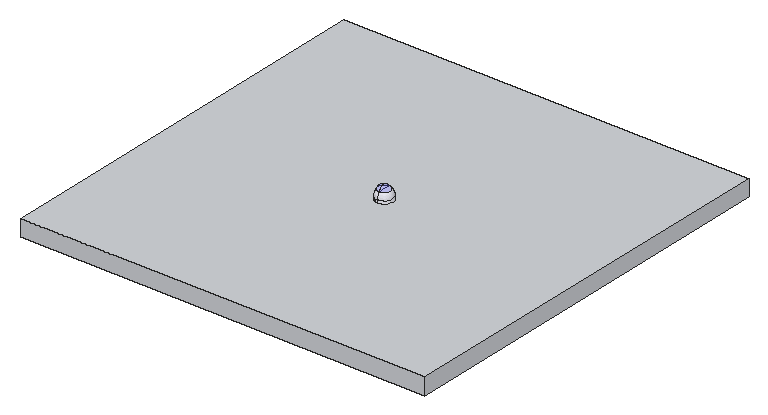
Revit family "BEG-92886", category Dispositifs d'éclairage, Revit 2015
Parameters
  Detection zone [instance] = yes
  URL = "http://www.luxomat.com/en-92886"
  Type of output = "KNX"
  Ambiant temperature = "-25°C to +50°C"
  Ref = "92886"
  Relay = "0"
  Height position [instance] = 250 cm
  Modèle = "PD4-KNX-C-SM"
  Installation type = "Ceiling"
  Brand = "LUXOMAT"
  Image du type = 92580.jpg
  IP = "20"
  Mounting height max = Installation height max  # 270 cm
  Installation height max = 270 cm
  Fabricant = "B.E.G"
  Label [instance] = yes
  Default Elevation = 0 cm
  Consumption = "7mA"
  Commentaires du type = "Occupancy detector PD4-KNX-C-SM"
  Code d'assemblage = "D5010200"
  Class = "2"
  Switching power LED = "0"
  Switching power Cos ɸ =1 = "0"
  Switching power Cos ɸ =0.5 = "0"
  Power voltage = "24 V DC BUS"
Reference planes (cm)
  plane 1 "Centre (avant/arrière)": y = 0
  plane 2: z = 0
  plane 3 "Centre (gauche/droite)": x = 0
Forms (cm)
  Extrusion 1, solid
    sketch origin (0, 0, 0) x (1, 0, 0) y (0, 1, 0)
      loop
        line (-121.92, 121.92) -> (-121.92, -121.92) -> (121.92, -121.92) -> (121.92, 121.92) -> (-121.92, 121.92)
    from 0 to -10
Dimensions and locks (cm)
  aligned and locked: plane 2 to Extrusion 1
  aligned and locked: level to Extrusion 1
  aligned and locked: nested 2 to plane 2
Nested families (cm)
  nested 1: "Famille1" at (0, -72.6659, 0) x (-1, 0, 0) z (0, 0, 1), reference <- "Ref", modele <- "Modèle", visible <- "Label", type "Famille1"
    with reference "92886", modele "PD4-KNX-C-SM"
  nested 2: "M14" at (0, 0, 0), type "Standard"
  nested 3: "Symbole plafond 2D couloir" at (0, 0.102, 0), type "Symbole plafond 2D couloir"
  nested 4: "zone I" at (0, 0, 0), visible <- "Detection zone", type "zone I"
    with position 2 320 cm, position 1 960 cm, frontal 800 cm, biais 2400 cm, activité assise 640 cm
Connectors (cm)
  electrical at (0.5717, -0.15, -5.1)
    settings: on nested 2, index 1, voltage 24 V, apparent load 0 VA, apparent load phase1 0 VA, apparent load phase2 0 VA, apparent load phase3 0 VA, power factor 1, load classification "Eclairage", number of poles 1, system type 31, power factor state 1, is connector primary yes, connector utility no, sub classification motor no, connector description ""
Definition of nested family "M14"
  Reference planes (cm)
    plane 1 "Centre (avant/arrière)": y = 0
    plane 2: z = 0
    plane 3 "Centre (gauche/droite)": x = 0
    plane 4: x = 0
  Forms (cm)
    Revolve 1, solid
      sketch origin (0, 0, 0) x (0, -1, 0) y (0, 0, 1)
        loop
          line (0, 0) -> (0, 5) -> (-3.8, 5)
          arc (-3.8, 5) -> (-4.577, 3.2225) -> (-4.8363, 1.3) r 7
          line (-4.8363, 1.3) -> (-4.9363, 1.3) -> (-5.05, 0) -> (0, 0)
        axis (0, 0) -> (0, 5)
      angle from 0 to 360
    Revolve 2, solid
      sketch origin (0, 0, 0) x (0, -1, 0) y (0, 0, 1)
        loop
          arc (0, 7.6) -> (-2.2816, 6.8864) -> (-3.75, 5) r 4.0043
          line (-3.75, 5) -> (0, 5) -> (0, 7.6)
        axis (0, 5) -> (0, 7.6)
      angle from 0 to 360
  Lines and regions (cm)
    reference lines
      curve 1: line (0, 0, 0) -> (0, 0, 7.6)
      curve 2: line (0, 0, 5) -> (0, 3.8, 5)
      curve 3: arc (0, 3.8, 5) -> (0, 4.577, 3.2225) -> (0, 4.8363, 1.3) r 7
      curve 4: line (0, 4.9363, 1.3) -> (0, 4.8363, 1.3)
      curve 5: line (0, 5.05, 0) -> (0, 4.9363, 1.3)
      curve 6: line (0, 0, 0) -> (0, 5.05, 0)
      curve 7: arc (0, 0, 7.6) -> (0, 2.2816, 6.8864) -> (0, 3.75, 5) r 4.0043
      curve 8: line (0, 3.75, 5) -> (0, 0, 5)
      curve 9: line (0, 0, 7.6) -> (0, 0, 5)
      curve 10: line (0, 0, 0) -> (0, 0, 7.6)
  Dimensions and locks (cm)
    aligned and locked: level to plane 2
    aligned and locked: Revolve 1 sketch curve to curve 1  (x2)
    aligned and locked: Revolve 1 sketch curve to curve 2
    aligned and locked: Revolve 1 sketch curve to curve 3
    aligned and locked: Revolve 1 sketch curve to curve 4
    aligned and locked: Revolve 1 sketch curve to curve 5
    aligned and locked: Revolve 1 sketch curve to curve 6
    aligned and locked: Revolve 2 sketch curve to curve 7
    aligned and locked: Revolve 2 sketch curve to curve 8
    aligned and locked: Revolve 2 sketch curve to curve 9
    aligned and locked: Revolve 2 sketch curve to curve 10
Definition of nested family "Famille1"
  Parameters (values of type "Famille1")
    reference [instance] = ""
    modele [instance] = ""
  Reference planes (cm)
    plane 1: y = 0
    plane 2: x = 0
  Text (cm)
    label "reference\n\nmodele" at (0.0074, 0.0451, 0), shows "reference", "modele"
Definition of nested family "Symbole plafond 2D couloir"
  Reference planes (cm)
    plane 1: y = 0
    plane 2: x = 0
  Lines and regions (cm)
    Filled region 1, type "rouge"
      outline origin (0, 0, 0) x (1, 0, 0) y (0, 1, 0)
        loop
          circle (0, 0) r 0.0294
    detail lines
      curve 1: arc (-0.0294, 0, 0) -> (0, -0.0294, 0) -> (0.0294, 0, 0) r 0.0294
      curve 2: arc (0.0294, 0, 0) -> (0, 0.0294, 0) -> (-0.0294, 0, 0) r 0.0294
      curve 3: arc (-0.1768, 0.102, 0) -> (-0.2041, 0, 0) -> (-0.1768, -0.102, 0) r 0.204
      curve 4: arc (0.1766, -0.102, 0) -> (0.2039, 0, 0) -> (0.1766, 0.102, 0) r 0.204
      curve 5: arc (-0.1404, 0.081, 0) -> (-0.1621, 0, 0) -> (-0.1404, -0.081, 0) r 0.162
      curve 6: arc (0.1402, -0.081, 0) -> (0.1619, 0, 0) -> (0.1402, 0.081, 0) r 0.162
      curve 7: arc (-0.104, 0.06, 0) -> (-0.1201, 0, 0) -> (-0.104, -0.06, 0) r 0.12
      curve 8: arc (0.1038, -0.06, 0) -> (0.1199, 0, 0) -> (0.1038, 0.06, 0) r 0.12
Definition of nested family "zone I"
  Parameters (values of type "zone I")
    position 2 [instance] = (frontal / 2) * 0.8  # 320 cm
    position 1 [instance] = (biais / 2) * 0.8  # 960 cm
    frontal [instance] = 800 cm
    biais [instance] = 2400 cm
    activité assise [instance] = 640 cm
  Reference planes (cm)
    plane 1 "Centre (avant/arrière)": y = 0
    plane 2: z = 0
    plane 3 "Centre (gauche/droite)": x = 0
    plane 4: x = 1000
    plane 5: x = -1000
    plane 6: x = -2000
    plane 7: x = 2000
    plane 8: y = 150
    plane 9: y = -150
    plane 10: y = 250
    plane 11: y = -250
  Lines and regions (cm)
    detail lines, in view "Niveau de réf."
      curve 1: spline (2.3068, -307.7265, 0) -> (4.0856, -307.3949, 0) -> (5.7432, -306.4226, 0) -> (7.1667, -304.876, 0) -> (8.2589, -302.8603, 0) -> (8.9455, -300.5131, 0) -> (9.1797, -297.9942, 0) -> (8.9455, -295.4753, 0) -> (8.2589, -293.1281, 0) -> (7.1667, -291.1125, 0) -> (5.7432, -289.5658, 0) -> (4.0856, -288.5936, 0) -> (2.3068, -288.262, 0) -> (0.5279, -288.5936, 0) -> (-1.1297, -289.5658, 0) -> (-2.5531, -291.1125, 0) -> (-3.6453, -293.1281, 0) -> (-4.3319, -295.4753, 0) -> (-4.5661, -297.9942, 0) -> (-4.3319, -300.5131, 0) -> (-3.6453, -302.8603, 0) -> (-2.5531, -304.876, 0) -> (-1.1297, -306.4226, 0) -> (0.5279, -307.3949, 0) -> (2.3068, -307.7265, 0)
      curve 2: line (-4.7649, -295.0929, 0) -> (0.5136, -307.9212, 0)
      curve 3: line (3.5648, -308.0775, 0) -> (9.2455, -294.5266, 0)
      curve 4: line (-0.3759, -288.4588, 0) -> (-3.0011, -290.8806, 0)
      curve 5: line (3.5053, -308.5045, 0) -> (6.62, -308.3756, 0)
      curve 6: line (1.7304, -308.3525, 0) -> (3.5053, -308.5045, 0)
      curve 7: line (-4.7649, -295.0929, 0) -> (0.5136, -307.9212, 0)
      curve 8: line (-21.1936, -295.3894, 0) -> (-24.4202, -297.3623, 0)
      curve 9: line (-21.1936, -295.3894, 0) -> (-24.4202, -297.3623, 0)
      curve 10: line (-0.3759, -288.4588, 0) -> (-3.0011, -290.8806, 0)
      curve 11: line (1.7304, -308.3525, 0) -> (6.62, -308.3756, 0)
      curve 12: line (3.5648, -308.0775, 0) -> (9.2455, -294.5266, 0)
      curve 13: line (0, -280, 0) -> (0, -249.0788, 0)
      curve 14: line (0, -249.0788, 0) -> (0, -240.7814, 0)
      curve 15: spline (-1521.106, -27.7265, 0) -> (-1519.3271, -27.3949, 0) -> (-1517.6695, -26.4226, 0) -> (-1516.2461, -24.876, 0) -> (-1515.1539, -22.8603, 0) -> (-1514.4673, -20.5131, 0) -> (-1514.2331, -17.9942, 0) -> (-1514.4673, -15.4753, 0) -> (-1515.1539, -13.1281, 0) -> (-1516.2461, -11.1125, 0) -> (-1517.6695, -9.5658, 0) -> (-1519.3271, -8.5936, 0) -> (-1521.106, -8.262, 0) -> (-1522.8848, -8.5936, 0) -> (-1524.5424, -9.5658, 0) -> (-1525.9659, -11.1125, 0) -> (-1527.0581, -13.1281, 0) -> (-1527.7447, -15.4753, 0) -> (-1527.9789, -17.9942, 0) -> (-1527.7447, -20.5131, 0) -> (-1527.0581, -22.8603, 0) -> (-1525.9659, -24.876, 0) -> (-1524.5424, -26.4226, 0) -> (-1522.8848, -27.3949, 0) -> (-1521.106, -27.7265, 0)
      curve 16: line (-1528.1777, -15.0929, 0) -> (-1522.8992, -27.9212, 0)
      curve 17: line (-1519.848, -28.0775, 0) -> (-1514.1673, -14.5266, 0)
      curve 18: line (-1523.7887, -8.4588, 0) -> (-1526.4139, -10.8806, 0)
      curve 19: line (-1519.9075, -28.5045, 0) -> (-1516.7928, -28.3756, 0)
      curve 20: line (-1521.6824, -28.3525, 0) -> (-1519.9075, -28.5045, 0)
      curve 21: line (-1528.1777, -15.0929, 0) -> (-1522.8992, -27.9212, 0)
      curve 22: line (-1544.6063, -15.3894, 0) -> (-1547.833, -17.3623, 0)
      curve 23: line (-1544.6063, -15.3894, 0) -> (-1547.833, -17.3623, 0)
      curve 24: line (-1523.7887, -8.4588, 0) -> (-1526.4139, -10.8806, 0)
      curve 25: line (-1521.6824, -28.3525, 0) -> (-1516.7928, -28.3756, 0)
      curve 26: line (-1519.848, -28.0775, 0) -> (-1514.1673, -14.5266, 0)
      curve 27: line (-1523.4128, 0, 0) -> (-1523.4128, 30.9212, 0)
      curve 28: line (-1523.4128, 30.9212, 0) -> (-1523.4128, 39.2186, 0)
      curve 169: spline (-372.7692, 145.0624, 0) -> (-523.6863, 149.8316, 0) -> (-672.4215, 140.7991, 0) -> (-805.2741, 118.7969, 0) -> (-910.0066, 85.8517, 0) -> (-976.9713, 44.9984, 0) -> (-1000, 0, 0) -> (-976.9713, -44.9984, 0) -> (-910.0066, -85.8517, 0) -> (-805.2741, -118.7969, 0) -> (-672.4215, -140.7991, 0) -> (-523.6863, -149.8316, 0) -> (-372.7692, -145.0624, 0)
      curve 170: arc (-1930.5405, 241.3176, 0) -> (-2000, 0, 0) -> (-1930.5405, -241.3176, 0) r 453.9252
      curve 171: line (-852.071, 106.5089, 0) -> (-1930.5405, 241.3176, 0)
      curve 172: line (-852.071, -106.5089, 0) -> (-1930.5405, -241.3176, 0)
      curve 173: arc (-372.7692, -145.0624, 0) -> (0, -400, 0) -> (372.7692, -145.0624, 0) r 400
      curve 174: spline (372.7692, 145.0624, 0) -> (523.6863, 149.8316, 0) -> (672.4215, 140.7991, 0) -> (805.2741, 118.7969, 0) -> (910.0066, 85.8517, 0) -> (976.9713, 44.9984, 0) -> (1000, 0, 0) -> (976.9713, -44.9984, 0) -> (910.0066, -85.8517, 0) -> (805.2741, -118.7969, 0) -> (672.4215, -140.7991, 0) -> (523.6863, -149.8316, 0) -> (372.7692, -145.0624, 0)
      curve 175: arc (1930.5405, 241.3176, 0) -> (2000, 0, 0) -> (1930.5405, -241.3176, 0) r 453.9252
      curve 176: line (852.071, 106.5089, 0) -> (1930.5405, 241.3176, 0)
      curve 177: line (852.071, -106.5089, 0) -> (1930.5405, -241.3176, 0)
      curve 178: arc (372.7692, 145.0624, 0) -> (0, 400, 0) -> (-372.7692, 145.0624, 0) r 400
    detail lines, in view "Niveau de réf.", not visible
      curve 29: spline (925.976, -22.5654, 0) -> (926.342, -22.7186, 0) -> (927.4152, -22.8614, 0) -> (929.1224, -22.984, 0) -> (931.3472, -23.0781, 0) -> (933.938, -23.1373, 0) -> (936.7184, -23.1574, 0) -> (939.4987, -23.1373, 0) -> (942.0896, -23.0781, 0) -> (944.3144, -22.984, 0) -> (946.0216, -22.8614, 0) -> (947.0948, -22.7186, 0) -> (947.4608, -22.5654, 0) -> (947.0948, -22.4122, 0) -> (946.0216, -22.2694, 0) -> (944.3144, -22.1467, 0) -> (942.0896, -22.0527, 0) -> (939.4987, -21.9935, 0) -> (936.7184, -21.9733, 0) -> (933.938, -21.9935, 0) -> (931.3472, -22.0527, 0) -> (929.1224, -22.1467, 0) -> (927.4152, -22.2694, 0) -> (926.342, -22.4122, 0) -> (925.976, -22.5654, 0)
      curve 30: line (925.976, -22.5654, 0) -> (927.5256, -22.2591, 0)
      curve 31: arc (928.6032, -42.366, 0) -> (923.9612, -42.9632, 0) -> (919.6215, -44.716, 0) r 18.3388
      curve 32: arc (919.6215, -44.716, 0) -> (919.5545, -44.7818, 0) -> (919.5297, -44.8725, 0) r 0.1799
      curve 33: arc (928.7956, -42.9577, 0) -> (924.5053, -43.3576, 0) -> (920.3988, -44.6624, 0) r 20.1051
      curve 34: arc (920.3988, -44.6624, 0) -> (920.213, -44.7562, 0) -> (920.0404, -44.8725, 0) r 1.6679
      curve 35: circle (919.7851, -45.6065, 0) r 0.5096 normal (0, 0, 1)
      curve 36: arc (920.3547, -45.6065, 0) -> (919.7851, -45.0369, 0) -> (919.2155, -45.6065, 0) r 0.5696
      curve 37: arc (920.4147, -45.6065, 0) -> (919.7851, -44.9769, 0) -> (919.1555, -45.6065, 0) r 0.6296
      curve 38: arc (944.8336, -42.366, 0) -> (949.4756, -42.9632, 0) -> (953.8152, -44.716, 0) r 18.3388
      curve 39: arc (953.8152, -44.716, 0) -> (953.8823, -44.7818, 0) -> (953.907, -44.8725, 0) r 0.1799
      curve 40: arc (944.6412, -42.9577, 0) -> (948.9315, -43.3576, 0) -> (953.038, -44.6624, 0) r 20.1051
      curve 41: arc (953.038, -44.6624, 0) -> (953.2237, -44.7562, 0) -> (953.3964, -44.8725, 0) r 1.6679
      curve 42: circle (953.6517, -45.6065, 0) r 0.5096 normal (0, 0, 1)
      curve 43: arc (954.2213, -45.6065, 0) -> (953.6517, -45.0369, 0) -> (953.0821, -45.6065, 0) r 0.5696
      curve 44: arc (954.2813, -45.6065, 0) -> (953.6517, -44.9769, 0) -> (953.0221, -45.6065, 0) r 0.6296
      curve 45: arc (935.9933, -42.366, 0) -> (932.2655, -43.2182, 0) -> (928.7471, -44.716, 0) r 21.5424
      curve 46: arc (928.7471, -44.716, 0) -> (928.68, -44.7818, 0) -> (928.6553, -44.8725, 0) r 0.1799
      curve 47: arc (935.9933, -42.9577, 0) -> (932.6991, -43.5833, 0) -> (929.5243, -44.6624, 0) r 23.9713
      curve 48: arc (929.5243, -44.6624, 0) -> (929.3417, -44.7544, 0) -> (929.1716, -44.8681, 0) r 1.6679
      curve 49: arc (936.2298, -42.9577, 0) -> (932.9838, -43.6066, 0) -> (929.8464, -44.6624, 0) r 26.0219
      curve 50: arc (929.8464, -44.6624, 0) -> (929.6606, -44.7562, 0) -> (929.488, -44.8725, 0) r 1.6679
      curve 51: circle (929.0716, -45.6065, 0) r 0.5096 normal (0, 0, 1)
      curve 52: arc (929.6412, -45.6065, 0) -> (929.0716, -45.0369, 0) -> (928.502, -45.6065, 0) r 0.5696
      curve 53: arc (929.7012, -45.6065, 0) -> (929.0716, -44.9769, 0) -> (928.442, -45.6065, 0) r 0.6296
      curve 54: arc (937.4435, -42.366, 0) -> (941.1713, -43.2182, 0) -> (944.6897, -44.716, 0) r 21.5424
      curve 55: arc (944.6897, -44.716, 0) -> (944.7568, -44.7818, 0) -> (944.7815, -44.8725, 0) r 0.1799
      curve 56: arc (937.4435, -42.9577, 0) -> (940.7377, -43.5833, 0) -> (943.9124, -44.6624, 0) r 23.9713
      curve 57: arc (943.9124, -44.6624, 0) -> (944.0982, -44.7562, 0) -> (944.2708, -44.8725, 0) r 1.6679
      curve 58: arc (937.207, -42.9577, 0) -> (940.453, -43.6066, 0) -> (943.5904, -44.6624, 0) r 26.0219
      curve 59: arc (943.5904, -44.6624, 0) -> (943.7762, -44.7562, 0) -> (943.9488, -44.8725, 0) r 1.6679
      curve 60: circle (944.3651, -45.6065, 0) r 0.5096 normal (0, 0, 1)
      curve 61: arc (944.9347, -45.6065, 0) -> (944.3651, -45.0369, 0) -> (943.7956, -45.6065, 0) r 0.5696
      curve 62: arc (944.9947, -45.6065, 0) -> (944.3651, -44.9769, 0) -> (943.7356, -45.6065, 0) r 0.6296
      curve 63: arc (928.2447, -16.9067, 0) -> (929.3751, -19.9599, 0) -> (932.3873, -21.1953, 0) r 4.0512
      curve 64: arc (947.5341, -21.5503, 0) -> (948.2989, -21.9955, 0) -> (948.4581, -22.866, 0) r 1.0582
      curve 65: arc (948.4581, -22.866, 0) -> (947.1637, -32.0042, 0) -> (947.1824, -41.2336, 0) r 64.7189
      curve 66: arc (947.1824, -41.2336, 0) -> (947.3196, -41.7803, 0) -> (947.8, -42.0753, 0) r 0.7467
      curve 67: arc (947.8, -42.0753, 0) -> (950.8812, -42.6489, 0) -> (954.0146, -42.7177, 0) r 19.3577
      curve 68: arc (954.0146, -42.7177, 0) -> (953.6164, -42.2163, 0) -> (953.0065, -42.0212, 0) r 1.1013
      curve 69: arc (953.0065, -42.0212, 0) -> (950.8253, -41.5868, 0) -> (948.6939, -40.9514, 0) r 23.8747
      curve 70: arc (948.6939, -40.9514, 0) -> (949.6481, -32.326, 0) -> (950.4047, -23.6811, 0) r 379.1961
      curve 71: arc (950.4047, -23.6811, 0) -> (950.1819, -20.9354, 0) -> (948.1945, -19.0278, 0) r 3.8846
      curve 72: arc (948.1945, -19.0278, 0) -> (942.0386, -16.9625, 0) -> (935.5985, -16.1341, 0) r 33.2193
      curve 73: arc (935.5985, -16.1341, 0) -> (936.4011, -8.4722, 0) -> (936.3918, -0.7683, 0) r 72.9952
      curve 74: arc (936.1411, 2.5028, 0) -> (936.0331, 3.5186, 0) -> (935.9108, 4.5328, 0) r 72.9952
      curve 75: arc (933.0779, 4.298, 0) -> (930.9101, 3.5141, 0) -> (931.7641, 1.3729, 0) r 1.6042
      curve 76: arc (935.9108, 4.5328, 0) -> (932.5228, 6.4802, 0) -> (929.1348, 4.5328, 0) r 3.9209
      curve 77: arc (962.4108, -5.4595, 0) -> (962.3989, -5.5507, 0) -> (962.3115, -5.5223, 0) r 0.0597
      curve 78: arc (960.275, -5.2364, 0) -> (960.303, -5.394, 0) -> (960.1444, -5.4151, 0) r 0.1108
      curve 79: spline (932.3619, 15.8637, 0) -> (933.2734, 15.7331, 0) -> (934.1297, 15.3083, 0) -> (934.8726, 14.6182, 0) -> (935.4514, 13.7099, 0) -> (935.8267, 12.6452, 0) -> (935.9728, 11.4968, 0) -> (935.8798, 10.3428, 0) -> (935.5541, 9.262, 0) -> (935.0179, 8.3279, 0) -> (934.3076, 7.6043, 0) -> (933.4718, 7.1404, 0) -> (932.5673, 6.9679, 0) -> (931.6558, 7.0985, 0) -> (930.7994, 7.5233, 0) -> (930.0565, 8.2134, 0) -> (929.4777, 9.1217, 0) -> (929.1025, 10.1864, 0) -> (928.9564, 11.3348, 0) -> (929.0493, 12.4888, 0) -> (929.375, 13.5696, 0) -> (929.9113, 14.5037, 0) -> (930.6215, 15.2273, 0) -> (931.4574, 15.6912, 0) -> (932.3619, 15.8637, 0)
      curve 80: line (957.0918, -46.116, 0) -> (997.8768, -46.116, 0)
      curve 81: line (997.8768, -46.116, 0) -> (997.8768, -7.1091, 0)
      curve 82: line (997.8768, -7.1091, 0) -> (957.0918, -7.1091, 0)
      curve 83: line (957.0918, -7.1091, 0) -> (957.0918, -46.116, 0)
      curve 84: line (957.0918, -46.116, 0) -> (910.5345, -46.116, 0)
      curve 85: line (951.1501, -7.1091, 0) -> (1003.8185, -7.1091, 0)
      curve 86: line (1003.8185, -7.1091, 0) -> (1003.8185, -5.6427, 0)
      curve 87: line (1003.8185, -5.6427, 0) -> (951.1501, -5.6427, 0)
      curve 88: line (951.1501, -5.6427, 0) -> (951.1501, -7.1091, 0)
      curve 89: line (935.7304, -23.1574, 0) -> (937.7064, -23.1574, 0)
      curve 90: line (937.7064, -23.1574, 0) -> (937.7064, -42.366, 0)
      curve 91: line (937.7064, -42.366, 0) -> (935.7304, -42.366, 0)
      curve 92: line (935.7304, -42.366, 0) -> (935.7304, -23.1574, 0)
      curve 93: line (935.7304, -42.366, 0) -> (928.6032, -42.366, 0)
      curve 94: line (919.5297, -44.8725, 0) -> (920.0404, -44.8725, 0)
      curve 95: line (937.4435, -42.366, 0) -> (937.207, -42.9577, 0)
      curve 96: line (937.207, -42.9577, 0) -> (937.4435, -42.9577, 0)
      curve 97: line (937.4435, -42.9577, 0) -> (936.7184, -42.9577, 0)
      curve 98: line (936.7184, -42.9577, 0) -> (935.9933, -42.9577, 0)
      curve 99: line (935.9933, -42.9577, 0) -> (936.2298, -42.9577, 0)
      curve 100: line (936.2298, -42.9577, 0) -> (935.9933, -42.366, 0)
      curve 101: line (933.13, -42.9577, 0) -> (928.7956, -42.9577, 0)
      curve 102: line (919.2155, -45.6065, 0) -> (919.1555, -45.6065, 0)
      curve 103: line (920.3547, -45.6065, 0) -> (920.4147, -45.6065, 0)
      curve 104: line (919.8851, -44.9848, 0) -> (919.8851, -44.8725, 0)
      curve 105: line (919.6851, -44.9848, 0) -> (919.6851, -44.8725, 0)
      curve 106: line (937.7064, -42.366, 0) -> (944.8336, -42.366, 0)
      curve 107: line (953.907, -44.8725, 0) -> (953.3964, -44.8725, 0)
      curve 108: line (940.3068, -42.9577, 0) -> (944.6412, -42.9577, 0)
      curve 109: line (954.2213, -45.6065, 0) -> (954.2813, -45.6065, 0)
      curve 110: line (953.0821, -45.6065, 0) -> (953.0221, -45.6065, 0)
      curve 111: line (953.5517, -44.9848, 0) -> (953.5517, -44.8725, 0)
      curve 112: line (953.7517, -44.9848, 0) -> (953.7517, -44.8725, 0)
      curve 113: line (928.6553, -44.8725, 0) -> (929.488, -44.8725, 0)
      curve 114: line (928.502, -45.6065, 0) -> (928.442, -45.6065, 0)
      curve 115: line (929.6412, -45.6065, 0) -> (929.7012, -45.6065, 0)
      curve 116: line (929.1716, -44.9848, 0) -> (929.1716, -44.8681, 0)
      curve 117: line (928.9716, -44.9848, 0) -> (928.9716, -44.8725, 0)
      curve 118: line (944.7815, -44.8725, 0) -> (943.9488, -44.8725, 0)
      curve 119: line (944.9347, -45.6065, 0) -> (944.9947, -45.6065, 0)
      curve 120: line (943.7956, -45.6065, 0) -> (943.7356, -45.6065, 0)
      curve 121: line (944.2651, -44.9848, 0) -> (944.2651, -44.8725, 0)
      curve 122: line (944.4651, -44.9848, 0) -> (944.4651, -44.8725, 0)
      curve 123: line (932.3873, -21.1953, 0) -> (947.5341, -21.5503, 0)
      curve 124: line (928.2447, -16.9067, 0) -> (929.1348, 4.5328, 0)
      curve 125: line (933.0779, 4.298, 0) -> (945.9271, -3.2324, 0)
      curve 126: line (945.9271, -3.2324, 0) -> (956.9598, -4.1102, 0)
      curve 127: line (956.9598, -4.1102, 0) -> (959.6493, -4.0553, 0)
      curve 128: line (959.6493, -4.0553, 0) -> (961.5155, -4.4943, 0)
      curve 129: line (961.5155, -4.4943, 0) -> (962.4108, -5.4595, 0)
      curve 130: line (962.3115, -5.5223, 0) -> (961.4719, -4.6876, 0)
      curve 131: line (961.4719, -4.6876, 0) -> (959.6412, -4.4783, 0)
      curve 132: line (959.6412, -4.4783, 0) -> (959.2367, -4.7524, 0)
      curve 133: line (959.2367, -4.7524, 0) -> (960.275, -5.2364, 0)
      curve 134: line (960.1444, -5.4151, 0) -> (958.5871, -4.8823, 0)
      curve 135: line (958.5871, -4.8823, 0) -> (956.7566, -5.1214, 0)
      curve 136: line (956.7566, -5.1214, 0) -> (945.2383, -4.8614, 0)
      curve 137: line (945.2383, -4.8614, 0) -> (931.7641, 1.3729, 0)
      curve 138: line (931.3882, 7.1969, 0) -> (931.2583, 6.2707, 0)
      curve 139: line (933.7384, 7.2529, 0) -> (933.8809, 6.2375, 0)
      curve 140: line (997.8768, -46.116, 0) -> (1009.4512, -46.116, 0)
      curve 141: spline (630.3724, -48.277, 0) -> (632.1512, -47.9453, 0) -> (633.8088, -46.9731, 0) -> (635.2323, -45.4264, 0) -> (636.3245, -43.4108, 0) -> (637.0111, -41.0636, 0) -> (637.2453, -38.5447, 0) -> (637.0111, -36.0258, 0) -> (636.3245, -33.6786, 0) -> (635.2323, -31.663, 0) -> (633.8088, -30.1163, 0) -> (632.1512, -29.1441, 0) -> (630.3724, -28.8124, 0) -> (628.5935, -29.1441, 0) -> (626.9359, -30.1163, 0) -> (625.5125, -31.663, 0) -> (624.4202, -33.6786, 0) -> (623.7336, -36.0258, 0) -> (623.4995, -38.5447, 0) -> (623.7336, -41.0636, 0) -> (624.4202, -43.4108, 0) -> (625.5125, -45.4264, 0) -> (626.9359, -46.9731, 0) -> (628.5935, -47.9453, 0) -> (630.3724, -48.277, 0)
      curve 142: line (623.3007, -35.6434, 0) -> (628.5792, -48.4717, 0)
      curve 143: line (631.6303, -48.628, 0) -> (637.311, -35.0771, 0)
      curve 144: line (627.6897, -29.0093, 0) -> (625.0645, -31.4311, 0)
      curve 145: line (631.5709, -49.055, 0) -> (634.6856, -48.9261, 0)
      curve 146: line (629.7959, -48.903, 0) -> (631.5709, -49.055, 0)
      curve 147: line (623.3007, -35.6434, 0) -> (628.5792, -48.4717, 0)
      curve 148: line (606.872, -35.9399, 0) -> (603.6454, -37.9127, 0)
      curve 149: line (606.872, -35.9399, 0) -> (603.6454, -37.9127, 0)
      curve 150: line (627.6897, -29.0093, 0) -> (625.0645, -31.4311, 0)
      curve 151: line (629.7959, -48.903, 0) -> (634.6856, -48.9261, 0)
      curve 152: line (631.6303, -48.628, 0) -> (637.311, -35.0771, 0)
      curve 153: line (628.0656, -20.5505, 0) -> (628.0656, 10.3707, 0)
      curve 154: line (628.0656, 10.3707, 0) -> (628.0656, 18.6681, 0)
      curve 155: spline (1030.3724, -260.777, 0) -> (1032.1512, -260.4453, 0) -> (1033.8088, -259.4731, 0) -> (1035.2323, -257.9264, 0) -> (1036.3245, -255.9108, 0) -> (1037.0111, -253.5636, 0) -> (1037.2453, -251.0447, 0) -> (1037.0111, -248.5258, 0) -> (1036.3245, -246.1786, 0) -> (1035.2323, -244.163, 0) -> (1033.8088, -242.6163, 0) -> (1032.1512, -241.6441, 0) -> (1030.3724, -241.3124, 0) -> (1028.5935, -241.6441, 0) -> (1026.9359, -242.6163, 0) -> (1025.5125, -244.163, 0) -> (1024.4202, -246.1786, 0) -> (1023.7336, -248.5258, 0) -> (1023.4995, -251.0447, 0) -> (1023.7336, -253.5636, 0) -> (1024.4202, -255.9108, 0) -> (1025.5125, -257.9264, 0) -> (1026.9359, -259.4731, 0) -> (1028.5935, -260.4453, 0) -> (1030.3724, -260.777, 0)
      curve 156: line (1023.3007, -248.1434, 0) -> (1028.5792, -260.9717, 0)
      curve 157: line (1031.6303, -261.128, 0) -> (1037.311, -247.5771, 0)
      curve 158: line (1027.6897, -241.5093, 0) -> (1025.0645, -243.9311, 0)
      curve 159: line (1031.5709, -261.555, 0) -> (1034.6856, -261.4261, 0)
      curve 160: line (1029.7959, -261.403, 0) -> (1031.5709, -261.555, 0)
      curve 161: line (1023.3007, -248.1434, 0) -> (1028.5792, -260.9717, 0)
      curve 162: line (1006.872, -248.4399, 0) -> (1003.6454, -250.4127, 0)
      curve 163: line (1006.872, -248.4399, 0) -> (1003.6454, -250.4127, 0)
      curve 164: line (1027.6897, -241.5093, 0) -> (1025.0645, -243.9311, 0)
      curve 165: line (1029.7959, -261.403, 0) -> (1034.6856, -261.4261, 0)
      curve 166: line (1031.6303, -261.128, 0) -> (1037.311, -247.5771, 0)
      curve 167: line (1028.0656, -233.0505, 0) -> (1028.0656, -202.1293, 0)
      curve 168: line (1028.0656, -202.1293, 0) -> (1028.0656, -193.8319, 0)
  Text (cm)
    text "2" at (0.4332, -321.3743, 0), in view "Niveau de réf."
    text "1" at (-1522.9796, -41.3743, 0), in view "Niveau de réf."
    text "1" at (628.4988, -61.9248, 0), in view "Niveau de réf.", not visible
    text "2" at (1028.4988, -274.4248, 0), in view "Niveau de réf.", not visible
  Dimensions and locks (cm)
    aligned and locked: curve 27 to plane 1 "Centre (avant/arrière)"
    aligned and locked: curve 13 to plane 3 "Centre (gauche/droite)"
